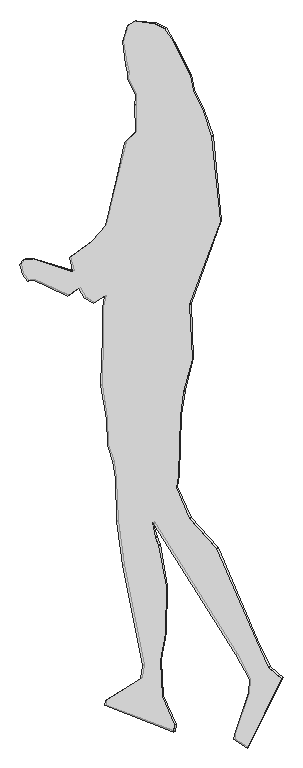
Revit family "Flat Girl 02", category Entourage, Revit 2015
Parameters
  Flat Material [instance] = none
  Height = 0 mm
Reference planes
  plane 1 "Center (Front/Back)": y = 0
  plane 2: z = 0
  plane 3 "Center (Left/Right)": x = 0
Forms (mm)
  Extrusion 1, solid, material <- "Flat Material"
    sketch origin (0, 0, 0) x (1, 0, 0) y (0, 0, 1)
      loop
        line (-96.056, 1640.404) -> (-89.625, 1623.867) -> (-91.463, 1605.495) -> (-68.496, 1573.339) -> (-69.939, 1547.091) -> (-69.254, 1480.553) -> (-98.812, 1444.724) -> (-121.78, 1343.669) -> (-153.934, 1215.052) -> (-192.978, 1160.39) -> (-254.989, 1098.379) -> (-245.802, 1066.225) -> (-356.045, 1058.875) -> (-383.606, 1047.851) -> (-394.63, 1031.315) -> (-388.199, 1008.347) -> (-371.663, 997.323) -> (-356.045, 1003.754) -> (-259.582, 997.323) -> (-227.784, 1029.121) -> (-210.893, 1011.103) -> (-187.18, 1005.499) -> (-154.88, 1035.146) -> (-162.033, 1003.72) -> (-162.213, 932.468) -> (-166.807, 806.608) -> (-150.27, 725.763) -> (-148.433, 659.617) -> (-131.898, 624.707) -> (-125.466, 583.366) -> (-120.872, 477.717) -> (-104.337, 372.068) -> (-47.378, 140.559) -> (-53.809, 103.812) -> (-153.026, 13.78) -> (-154.864, 0) -> (39.114, 0) -> (42.654, 21.13) -> (7.743, 80.845) -> (1.313, 169.957) -> (15.093, 243.452) -> (19.352, 362.714) -> (-2.061, 458.154) -> (-11.146, 476.852) -> (-18.628, 497.685) -> (-19.495, 511.822) -> (214.176, 259.064) -> (253.044, 209.09) -> (250.288, 175.098) -> (210.325, 55.092) -> (209.318, 41.992) -> (247.86, 34.978) -> (344.236, 243.909) -> (308.166, 259.617) -> (273.257, 314.738) -> (161.231, 509.96) -> (84.925, 558.191) -> (46.34, 622.499) -> (52.771, 652.816) -> (57.364, 806.236) -> (67.665, 872.602) -> (92.274, 962.413) -> (85.044, 1099.774) -> (171.046, 1339.059) -> (147.396, 1545.78) -> (123.239, 1599.037) -> (94.951, 1643.02) -> (85.521, 1677.579) -> (38.99, 1746.053) -> (14.341, 1770.702) -> (-13.871, 1773.662) -> (-68.496, 1761.671) -> (-91.463, 1741.46) -> (-105.243, 1695.525) -> (-96.056, 1640.404)
    from -2.5 to 2.5
Lines and regions (mm)
  model lines
    curve 1: line (0, 148, 0) -> (0, -152, 0)
Dimensions and locks
  aligned and locked: level to plane 2
